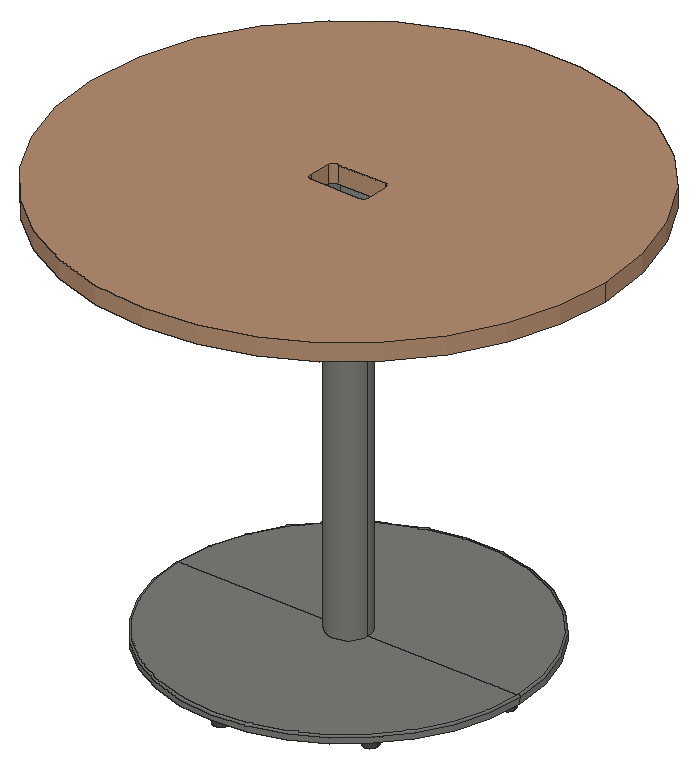
Revit family "Table-Teknion-ATEDB_Circular_Cafe_Table_With_Electrics-R2022", category Furniture, Revit 2023
Family settings
  OmniClass Number = 23.40.20.00
  OmniClass Title = General Furniture and Specialties
  Work Plane-Based = No
  Enable Cutting in Views = No
  Always vertical = Yes
  Cut with Voids When Loaded = No
  Render Appearance Source = Family Geometry
  Shared = Yes
  Room Calculation Point = No
Parameters (values of type "29" Height")
  Warranty = "http://www.teknion.com/ca/papers/legal-canada"
  Unit Weight URL = "http://www.teknion.com/ca/tools/assets#&asset=bee6a381-b954-425e-8283-5a2de3a804f2,f828d448-4b62-4231-9e5f-9a8991c0ed77"
  URL = "www.teknion.com"
  To render please download texture images found here [instance] = "https://assets.teknion.com/web/5e81352c1dfdb467/revit-material-swatches/"
  Sustainability Data = "https://www.teknion.com/ca/tools/assets#&topic=216f99a5-57a0-44fc-b10a-9dee9b29ae4c&asset=444deb64-fe58-4b68-981e-f75e97781df7,b4ff2d81-9f2e-437d-9659-7cffb09c31cf"
  Surface Finish [instance] = Foundation Laminate - Teknion - YA - Anigre
  Series = "Teknion Casual Tables"  # constant formula
  Product Page URL = "https://www.teknion.com/ca/products/product-details?productlineid=a687336e-8e7a-673b-a6c8-ff00004460c4"
  Product Line = "Casual Tables"  # constant formula
  Product Documentation Link = "http://www.teknion.com/pricing/tables/pdfs/ATEDB_ppg.pdf"
  Part Number = "ATEDB"  # constant formula
  Model = "ATEDB29M_AH"
  Manufacturer Phone = "416-661-3370"  # constant formula
  Manufacturer Fax = "416.661.4586"  # constant formula
  Manufacturer Contact Information = "http://www.teknion.com/ca/contactus"
  Manufacturer Address = "1150 Flint Road, Toronto, ON. M3J 2J5. Canada"  # constant formula
  Manufacturer = "Teknion"  # constant formula
  How To Use Teknion Materials User Guide [instance] = "https://assets.teknion.com/m/205dd0a49fa58060/original/How-to-add-a-Material-Library-and-Texture-Images-to-your-Revit-project.pdf"
  Height = 29.000"
  For Additional Finishes please visit [instance] = "https://assets.teknion.com/m/44a8009b046e5d47/original/Teknion_Materials_Library.zip"
  Diameter [instance] = 36.000"
  Description = "Circular Cafe Table With Electrics, 29\" Height, Metal Post Base Style, Dual Flush Power Module Cutout"
  Default Elevation = 0.000"
  Base Finish [instance] = Paint - Teknion - Mica - Anthracite
  Available Height = "26 & 29 Inch"  # constant formula
  Available Diameter [instance] = "36 & 42 Inch"  # constant formula
  Assembly Code = "E2020200"
Reference planes (in)
  plane 1 "Center Front/Back": y = 0
  plane 2: z = 0
  plane 3 "Center Left/Right": x = 0
  plane 4 "Left": x = -18
  plane 5 "Right": x = 18
  plane 6 "Back": y = 18
  plane 7 "Front": y = -18
  plane 8 "Top": z = 29
  plane 9: z = 27.81102
  plane 10: through (-21, -21, 48) normal (-0.7071, 0.7071, 0)
  plane 11: through (21, -21, 48) normal (-0.7071, -0.7071, 0)
Forms (in)
  Sweep 1, solid, material "Foundation Laminate - Teknion - YA - Anigre" <- "Surface Finish"
    path origin (0, 0, 0) x (1, 0, 0) y (0, 0, 1)
      loop
        line (0, 29) -> (0, 27.81102)
    profile origin (0, 0, 28.40551) x (0, -1, 0) y (1, 0, 0)
      loop
        circle (0, 0) r 18
  Sweep 2, void
    path origin (0, 0, 0) x (1, 0, 0) y (0, 0, 1)
      loop
        line (0, 30.5) -> (0, 25)
    profile origin (0, 0, 27.75) x (0, -1, 0) y (1, 0, 0)
      loop
        arc (-1.12205, -1.65354) -> (-1.00673, -1.93193) -> (-0.72835, -2.04724) r 0.3937
        line (-0.72835, -2.04724) -> (0.72835, -2.04724)
        arc (0.72835, -2.04724) -> (1.00673, -1.93193) -> (1.12205, -1.65354) r 0.3937
        line (1.12205, -1.65354) -> (1.12205, 1.65354)
        arc (1.12205, 1.65354) -> (1.00673, 1.93193) -> (0.72835, 2.04724) r 0.3937
        line (0.72835, 2.04724) -> (-0.72835, 2.04724)
        arc (-0.72835, 2.04724) -> (-1.00673, 1.93193) -> (-1.12205, 1.65354) r 0.3937
        line (-1.12205, 1.65354) -> (-1.12205, -1.65354)
  Revolve 3, solid, material "Paint - Teknion - Mica - Anthracite" <- "Base Finish"
    sketch origin (0, 0, 0) x (1, 0, 0) y (0, 0, 1)
      loop
        line (1.25689, 22.22047) -> (1.25689, 0.51969) -> (12, 0.51969) -> (12, 0.89469)
        arc (12, 0.89469) -> (11.96339, 0.98307) -> (11.875, 1.01969) r 0.125
        line (11.875, 1.01969) -> (1.375, 1.01969) -> (1.375, 22.22047) -> (1.25689, 22.22047)
      axis (0, 22.22047) -> (0, 0.51969)
    angle from 0 to 360
  Sweep 4, solid, material "Plastic - Teknion - E - Ebony"
    path origin (0, 0, 0) x (1, 0, 0) y (0, 0, 1)
      loop
        line (0, 0.51969) -> (0, 0)
    profile origin (0, 0, 0.25984) x (0, -1, 0) y (1, 0, 0)
      loop
        circle (-11.125, 0) r 0.51181
      loop
        circle (-7.86656, -7.86656) r 0.51181
      loop
        circle (0, -11.125) r 0.51181
      loop
        circle (7.86656, -7.86656) r 0.51181
      loop
        circle (11.125, 0) r 0.51181
      loop
        circle (7.86656, 7.86656) r 0.51181
      loop
        circle (0, 11.125) r 0.51181
      loop
        circle (-7.86656, 7.86656) r 0.51181
  SweptBlend 5, solid, material "Paint - Teknion - Mica - Anthracite" <- "Base Finish"
    path origin (0, 0, 0) x (1, 0, 0) y (0, 0, 1)
      loop
        line (0, 22.22047) -> (0, 27.70472)
    profile origin (0, 0, 22.22047) x (-1, 0, 0) y (0, -1, 0)
      loop
        line (-2.26181, -2.26181) -> (2.26181, -2.26181) -> (2.26181, 2.26181) -> (-2.26181, 2.26181) -> (-2.26181, -2.26181)
    end profile origin (0, 0, 27.70472) x (-1, 0, 0) y (0, -1, 0)
      loop
        line (3.30845, -3.30845) -> (3.30845, 3.30845) -> (-3.30845, 3.30845) -> (-3.30845, -3.30845) -> (3.30845, -3.30845)
  Sweep 6, solid, material "Paint - Teknion - Mica - Anthracite" <- "Base Finish"
    path origin (0, 0, 0) x (1, 0, 0) y (0, 0, 1)
      loop
        line (0, 27.81102) -> (0, 27.70472)
    profile origin (0, 0, 27.75787) x (0, -1, 0) y (1, 0, 0)
      loop
        line (-4.14173, -4.14173) -> (4.14173, -4.14173) -> (4.14173, 4.14173) -> (-4.14173, 4.14173) -> (-4.14173, -4.14173)
  SweptBlend 7, void
    path origin (0, 0, 0) x (1, 0, 0) y (0, 0, 1)
      loop
        line (0, 22.32677) -> (0, 27.81102)
    profile origin (0, 0, 22.32677) x (-1, 0, 0) y (0, -1, 0)
      loop
        line (2.17388, -2.17388) -> (2.17388, 2.17388) -> (-2.17388, 2.17388) -> (-2.17388, -2.17388) -> (2.17388, -2.17388)
    end profile origin (0, 0, 27.81102) x (-1, 0, 0) y (0, -1, 0)
      loop
        line (3.22052, -3.22052) -> (3.22052, 3.22052) -> (-3.22052, 3.22052) -> (-3.22052, -3.22052) -> (3.22052, -3.22052)
  Sweep 8, void
    path origin (0, 0, 0) x (1, 0, 0) y (0, 0, 1)
      loop
        line (0, 20.73191) -> (0, 23.73191)
    profile origin (0, 0, 22.23191) x (-1, 0, 0) y (0, -1, 0)
      loop
        circle (0, 0) r 1.25689
Cuts and joins
  Sweep 2 cuts Sweep 1
  SweptBlend 7, Sweep 8 cuts SweptBlend 5
  SweptBlend 7, Sweep 8 cuts Sweep 6
  joined: SweptBlend 5, Sweep 6
Lines and regions (in)
  Masking region 1
    outline origin (0, 0, 0) x (1, 0, 0) y (0, 1, 0)
      loop
        circle (0, 0) r 18
      loop
        line (0.56638, 1.12205) -> (-0.56638, 1.12205)
        arc (-0.56638, 1.12205) -> (-1.07043, 0.65875) -> (-1.25689, 0) r 1.25689
        arc (-1.25689, 0) -> (-1.07043, -0.65875) -> (-0.56638, -1.12205) r 1.25689
        line (-0.56638, -1.12205) -> (0.56638, -1.12205)
        arc (0.56638, -1.12205) -> (1.07043, -0.65875) -> (1.25689, 0) r 1.25689
        arc (1.25689, 0) -> (1.07043, 0.65875) -> (0.56638, 1.12205) r 1.25689
  symbolic lines
    curve 1: line (-1.65354, 1.12205, 0) -> (1.65354, 1.12205, 0)
    curve 2: arc (1.65354, 1.12205, 0) -> (1.93193, 1.00673, 0) -> (2.04724, 0.72835, 0) r 0.3937
    curve 3: line (2.04724, 0.72835, 0) -> (2.04724, -0.72835, 0)
    curve 4: arc (2.04724, -0.72835, 0) -> (1.93193, -1.00673, 0) -> (1.65354, -1.12205, 0) r 0.3937
    curve 5: line (1.65354, -1.12205, 0) -> (-1.65354, -1.12205, 0)
    curve 6: arc (-1.65354, -1.12205, 0) -> (-1.93193, -1.00673, 0) -> (-2.04724, -0.72835, 0) r 0.3937
    curve 7: line (-2.04724, -0.72835, 0) -> (-2.04724, 0.72835, 0)
    curve 8: arc (-2.04724, 0.72835, 0) -> (-1.93193, 1.00673, 0) -> (-1.65354, 1.12205, 0) r 0.3937
  symbolic lines, style "FurnitureHiddenLines", detail levels medium+fine
    curve 9: arc (12, 0, 0) -> (0, 12, 0) -> (-12, 0, 0) r 12
    curve 10: arc (-12, 0, 0) -> (0, -12, 0) -> (12, 0, 0) r 12
    curve 11: line (4.14173, 4.14173, 0) -> (-4.14173, 4.14173, 0)
    curve 12: line (4.14173, -4.14173, 0) -> (4.14173, 4.14173, 0)
    curve 13: line (-4.14173, -4.14173, 0) -> (4.14173, -4.14173, 0)
    curve 14: line (-4.14173, 4.14173, 0) -> (-4.14173, -4.14173, 0)
    curve 15: line (3.30845, 3.30845, 0) -> (-3.30845, 3.30845, 0)
    curve 16: line (-3.22052, 3.22052, 0) -> (3.22052, 3.22052, 0)
    curve 17: line (3.22052, 3.22052, 0) -> (3.22052, -3.22052, 0)
    curve 18: line (3.30845, -3.30845, 0) -> (3.30845, 3.30845, 0)
    curve 19: line (3.22052, -3.22052, 0) -> (-3.22052, -3.22052, 0)
    curve 20: line (-3.30845, -3.30845, 0) -> (3.30845, -3.30845, 0)
    curve 21: line (-3.22052, -3.22052, 0) -> (-3.22052, 3.22052, 0)
    curve 22: line (-3.30845, 3.30845, 0) -> (-3.30845, -3.30845, 0)
    curve 23: line (-2.26181, 2.26181, 0) -> (2.26181, 2.26181, 0)
    curve 24: line (2.17388, 2.17388, 0) -> (-2.17388, 2.17388, 0)
    curve 25: line (2.17388, -2.17388, 0) -> (2.17388, 2.17388, 0)
    curve 26: line (2.26181, 2.26181, 0) -> (2.26181, -2.26181, 0)
    curve 27: line (-2.17388, -2.17388, 0) -> (2.17388, -2.17388, 0)
    curve 28: line (2.26181, -2.26181, 0) -> (-2.26181, -2.26181, 0)
    curve 29: line (-2.17388, 2.17388, 0) -> (-2.17388, -2.17388, 0)
    curve 30: line (-2.26181, -2.26181, 0) -> (-2.26181, 2.26181, 0)
    curve 31: arc (1.375, 0, 0) -> (0, 1.375, 0) -> (-1.375, 0, 0) r 1.375
    curve 32: arc (1.25689, 0, 0) -> (0, 1.25689, 0) -> (-1.25689, 0, 0) r 1.25689
    curve 33: arc (-1.25689, 0, 0) -> (0, -1.25689, 0) -> (1.25689, 0, 0) r 1.25689
    curve 34: arc (-1.375, 0, 0) -> (0, -1.375, 0) -> (1.375, 0, 0) r 1.375
    curve 51: line (-5.82198, -2.39426, 0) -> (-5.82198, -3.31193, 0)
    curve 52: line (-5.23742, -1.80971, 0) -> (-5.82198, -2.39426, 0)
    curve 53: line (-4.13256, -2.91457, 0) -> (-5.23742, -1.80971, 0)
    curve 54: line (-5.17595, -3.95796, 0) -> (-5.82198, -3.31193, 0)
    curve 55: line (-5.17595, -3.95796, 0) -> (-4.93239, -4.40167, 0)
    curve 56: line (-4.19284, -2.8543, 0) -> (-4.21695, -3.95175, 0)
    curve 57: line (-4.15667, -4.01202, 0) -> (-4.13256, -2.91457, 0)
    curve 58: line (-3.95175, -4.21695, 0) -> (-4.21695, -3.95175, 0)
    curve 59: line (-4.01202, -4.15667, 0) -> (-2.91457, -4.13256, 0)
    curve 60: line (-2.8543, -4.19284, 0) -> (-3.95175, -4.21695, 0)
    curve 61: line (-2.91457, -4.13256, 0) -> (-1.80971, -5.23742, 0)
    curve 62: line (-1.80971, -5.23742, 0) -> (-2.39426, -5.82198, 0)
    curve 63: line (-2.39426, -5.82198, 0) -> (-3.31193, -5.82198, 0)
    curve 64: line (-3.95796, -5.17595, 0) -> (-3.31193, -5.82198, 0)
    curve 65: line (-5.10273, -5.36794, 0) -> (-5.36794, -5.10273, 0)
    curve 66: line (-3.95796, -5.17595, 0) -> (-4.40167, -4.93239, 0)
    curve 67: line (-4.3414, -4.99266, 0) -> (-3.89768, -5.23622, 0)
    curve 68: line (-4.99266, -4.3414, 0) -> (-5.23622, -3.89768, 0)
    curve 69: spline (-4.93239, -4.40167, 0) -> (-4.93111, -4.44466, 0) -> (-4.94138, -4.49381, 0) -> (-4.96274, -4.54692, 0) -> (-4.99422, -4.60161, 0) -> (-5.03442, -4.65542, 0) -> (-5.08153, -4.70594, 0) -> (-5.13344, -4.7509, 0) -> (-5.18783, -4.78829, 0) -> (-5.24225, -4.81644, 0) -> (-5.29426, -4.83407, 0) -> (-5.34154, -4.84041, 0) -> (-5.38195, -4.83516, 0)
    curve 70: spline (-5.44223, -4.77489, 0) -> (-5.40181, -4.78014, 0) -> (-5.35454, -4.7738, 0) -> (-5.30252, -4.75617, 0) -> (-5.2481, -4.72802, 0) -> (-5.19372, -4.69063, 0) -> (-5.1418, -4.64566, 0) -> (-5.09469, -4.59514, 0) -> (-5.05449, -4.54133, 0) -> (-5.02301, -4.48665, 0) -> (-5.00166, -4.43354, 0) -> (-4.99139, -4.38439, 0) -> (-4.99266, -4.3414, 0)
    curve 71: spline (-5.67223, -4.99564, 0) -> (-5.68393, -4.97689, 0) -> (-5.68655, -4.95112, 0) -> (-5.67988, -4.92023, 0) -> (-5.66442, -4.88648, 0) -> (-5.64131, -4.85237, 0) -> (-5.61225, -4.8204, 0) -> (-5.57938, -4.79292, 0) -> (-5.54511, -4.77197, 0) -> (-5.51197, -4.75907, 0) -> (-5.48239, -4.75518, 0) -> (-5.45856, -4.76058, 0) -> (-5.44223, -4.77489, 0)
    curve 72: spline (-5.38195, -4.83516, 0) -> (-5.39829, -4.82086, 0) -> (-5.42212, -4.81545, 0) -> (-5.4517, -4.81934, 0) -> (-5.48484, -4.83224, 0) -> (-5.5191, -4.8532, 0) -> (-5.55198, -4.88067, 0) -> (-5.58104, -4.91264, 0) -> (-5.60415, -4.94675, 0) -> (-5.61961, -4.9805, 0) -> (-5.62627, -5.01139, 0) -> (-5.62366, -5.03716, 0) -> (-5.61196, -5.05591, 0)
    curve 73: line (-5.61196, -5.05591, 0) -> (-5.67223, -4.99564, 0)
    curve 74: spline (-5.61196, -5.05591, 0) -> (-5.59221, -5.07158, 0) -> (-5.57136, -5.08606, 0) -> (-5.54943, -5.09934, 0) -> (-5.52645, -5.11141, 0) -> (-5.50243, -5.12225, 0) -> (-5.47741, -5.13185, 0) -> (-5.45141, -5.1402, 0) -> (-5.42445, -5.1473, 0) -> (-5.39657, -5.15314, 0) -> (-5.36779, -5.1577, 0) -> (-5.33814, -5.16099, 0) -> (-5.30766, -5.16301, 0)
    curve 75: spline (-5.36794, -5.10273, 0) -> (-5.39842, -5.10072, 0) -> (-5.42806, -5.09743, 0) -> (-5.45684, -5.09287, 0) -> (-5.48472, -5.08703, 0) -> (-5.51168, -5.07993, 0) -> (-5.53768, -5.07158, 0) -> (-5.5627, -5.06197, 0) -> (-5.58672, -5.05113, 0) -> (-5.60971, -5.03907, 0) -> (-5.63163, -5.02579, 0) -> (-5.65248, -5.01131, 0) -> (-5.67223, -4.99564, 0)
    curve 76: spline (-5.05591, -5.61196, 0) -> (-5.07158, -5.59221, 0) -> (-5.08606, -5.57136, 0) -> (-5.09934, -5.54943, 0) -> (-5.11141, -5.52645, 0) -> (-5.12225, -5.50243, 0) -> (-5.13185, -5.47741, 0) -> (-5.1402, -5.45141, 0) -> (-5.1473, -5.42445, 0) -> (-5.15314, -5.39657, 0) -> (-5.1577, -5.36779, 0) -> (-5.16099, -5.33814, 0) -> (-5.16301, -5.30766, 0)
    curve 77: spline (-5.10273, -5.36794, 0) -> (-5.10072, -5.39842, 0) -> (-5.09743, -5.42806, 0) -> (-5.09287, -5.45684, 0) -> (-5.08703, -5.48472, 0) -> (-5.07993, -5.51168, 0) -> (-5.07158, -5.53768, 0) -> (-5.06197, -5.5627, 0) -> (-5.05113, -5.58672, 0) -> (-5.03907, -5.60971, 0) -> (-5.02579, -5.63163, 0) -> (-5.01131, -5.65248, 0) -> (-4.99564, -5.67223, 0)
    curve 78: spline (-4.83516, -5.38195, 0) -> (-4.82086, -5.39829, 0) -> (-4.81545, -5.42212, 0) -> (-4.81934, -5.4517, 0) -> (-4.83224, -5.48484, 0) -> (-4.8532, -5.5191, 0) -> (-4.88067, -5.55198, 0) -> (-4.91264, -5.58104, 0) -> (-4.94675, -5.60415, 0) -> (-4.9805, -5.61961, 0) -> (-5.01139, -5.62627, 0) -> (-5.03716, -5.62366, 0) -> (-5.05591, -5.61196, 0)
    curve 79: spline (-4.99564, -5.67223, 0) -> (-4.97689, -5.68393, 0) -> (-4.95112, -5.68655, 0) -> (-4.92023, -5.67988, 0) -> (-4.88648, -5.66442, 0) -> (-4.85237, -5.64131, 0) -> (-4.8204, -5.61225, 0) -> (-4.79292, -5.57938, 0) -> (-4.77197, -5.54511, 0) -> (-4.75907, -5.51197, 0) -> (-4.75518, -5.48239, 0) -> (-4.76058, -5.45856, 0) -> (-4.77489, -5.44223, 0)
    curve 80: line (-5.05591, -5.61196, 0) -> (-4.99564, -5.67223, 0)
    curve 81: spline (-4.77489, -5.44223, 0) -> (-4.78014, -5.40181, 0) -> (-4.7738, -5.35454, 0) -> (-4.75617, -5.30252, 0) -> (-4.72802, -5.2481, 0) -> (-4.69063, -5.19372, 0) -> (-4.64566, -5.1418, 0) -> (-4.59514, -5.09469, 0) -> (-4.54133, -5.05449, 0) -> (-4.48665, -5.02301, 0) -> (-4.43354, -5.00166, 0) -> (-4.38439, -4.99139, 0) -> (-4.3414, -4.99266, 0)
    curve 82: spline (-4.40167, -4.93239, 0) -> (-4.44466, -4.93111, 0) -> (-4.49381, -4.94138, 0) -> (-4.54692, -4.96274, 0) -> (-4.60161, -4.99422, 0) -> (-4.65542, -5.03442, 0) -> (-4.70594, -5.08153, 0) -> (-4.7509, -5.13344, 0) -> (-4.78829, -5.18783, 0) -> (-4.81644, -5.24225, 0) -> (-4.83407, -5.29426, 0) -> (-4.84041, -5.34154, 0) -> (-4.83516, -5.38195, 0)
    curve 83: line (-4.83516, -5.38195, 0) -> (-4.77489, -5.44223, 0)
    curve 84: line (-5.38195, -4.83516, 0) -> (-5.44223, -4.77489, 0)
    curve 85: line (2.39426, 5.82198, 0) -> (3.31193, 5.82198, 0)
    curve 86: line (1.80971, 5.23742, 0) -> (2.39426, 5.82198, 0)
    curve 87: line (2.91457, 4.13256, 0) -> (1.80971, 5.23742, 0)
    curve 88: line (3.95796, 5.17595, 0) -> (3.31193, 5.82198, 0)
    curve 89: line (3.95796, 5.17595, 0) -> (4.40167, 4.93239, 0)
    curve 90: line (2.8543, 4.19284, 0) -> (3.95175, 4.21695, 0)
    curve 91: line (4.01202, 4.15667, 0) -> (2.91457, 4.13256, 0)
    curve 92: line (4.21695, 3.95175, 0) -> (3.95175, 4.21695, 0)
    curve 93: line (4.15667, 4.01202, 0) -> (4.13256, 2.91457, 0)
    curve 94: line (4.19284, 2.8543, 0) -> (4.21695, 3.95175, 0)
    curve 95: line (4.13256, 2.91457, 0) -> (5.23742, 1.80971, 0)
    curve 96: line (5.23742, 1.80971, 0) -> (5.82198, 2.39426, 0)
    curve 97: line (5.82198, 2.39426, 0) -> (5.82198, 3.31193, 0)
    curve 98: line (5.17595, 3.95796, 0) -> (5.82198, 3.31193, 0)
    curve 99: line (5.36794, 5.10273, 0) -> (5.10273, 5.36794, 0)
    curve 100: line (5.17595, 3.95796, 0) -> (4.93239, 4.40167, 0)
    curve 101: line (4.99266, 4.3414, 0) -> (5.23622, 3.89768, 0)
    curve 102: line (4.3414, 4.99266, 0) -> (3.89768, 5.23622, 0)
    curve 103: spline (4.40167, 4.93239, 0) -> (4.44466, 4.93111, 0) -> (4.49381, 4.94138, 0) -> (4.54692, 4.96274, 0) -> (4.60161, 4.99422, 0) -> (4.65542, 5.03442, 0) -> (4.70594, 5.08153, 0) -> (4.7509, 5.13344, 0) -> (4.78829, 5.18783, 0) -> (4.81644, 5.24225, 0) -> (4.83407, 5.29426, 0) -> (4.84041, 5.34154, 0) -> (4.83516, 5.38195, 0)
    curve 104: spline (4.77489, 5.44223, 0) -> (4.78014, 5.40181, 0) -> (4.7738, 5.35454, 0) -> (4.75617, 5.30252, 0) -> (4.72802, 5.2481, 0) -> (4.69063, 5.19372, 0) -> (4.64566, 5.1418, 0) -> (4.59514, 5.09469, 0) -> (4.54133, 5.05449, 0) -> (4.48665, 5.02301, 0) -> (4.43354, 5.00166, 0) -> (4.38439, 4.99139, 0) -> (4.3414, 4.99266, 0)
    curve 105: spline (4.99564, 5.67223, 0) -> (4.97689, 5.68393, 0) -> (4.95112, 5.68655, 0) -> (4.92023, 5.67988, 0) -> (4.88648, 5.66442, 0) -> (4.85237, 5.64131, 0) -> (4.8204, 5.61225, 0) -> (4.79292, 5.57938, 0) -> (4.77197, 5.54511, 0) -> (4.75907, 5.51197, 0) -> (4.75518, 5.48239, 0) -> (4.76058, 5.45856, 0) -> (4.77489, 5.44223, 0)
    curve 106: spline (4.83516, 5.38195, 0) -> (4.82086, 5.39829, 0) -> (4.81545, 5.42212, 0) -> (4.81934, 5.4517, 0) -> (4.83224, 5.48484, 0) -> (4.8532, 5.5191, 0) -> (4.88067, 5.55198, 0) -> (4.91264, 5.58104, 0) -> (4.94675, 5.60415, 0) -> (4.9805, 5.61961, 0) -> (5.01139, 5.62627, 0) -> (5.03716, 5.62366, 0) -> (5.05591, 5.61196, 0)
    curve 107: line (5.05591, 5.61196, 0) -> (4.99564, 5.67223, 0)
    curve 108: spline (5.05591, 5.61196, 0) -> (5.07158, 5.59221, 0) -> (5.08606, 5.57136, 0) -> (5.09934, 5.54943, 0) -> (5.11141, 5.52645, 0) -> (5.12225, 5.50243, 0) -> (5.13185, 5.47741, 0) -> (5.1402, 5.45141, 0) -> (5.1473, 5.42445, 0) -> (5.15314, 5.39657, 0) -> (5.1577, 5.36779, 0) -> (5.16099, 5.33814, 0) -> (5.16301, 5.30766, 0)
    curve 109: spline (5.10273, 5.36794, 0) -> (5.10072, 5.39842, 0) -> (5.09743, 5.42806, 0) -> (5.09287, 5.45684, 0) -> (5.08703, 5.48472, 0) -> (5.07993, 5.51168, 0) -> (5.07158, 5.53768, 0) -> (5.06197, 5.5627, 0) -> (5.05113, 5.58672, 0) -> (5.03907, 5.60971, 0) -> (5.02579, 5.63163, 0) -> (5.01131, 5.65248, 0) -> (4.99564, 5.67223, 0)
    curve 110: spline (5.61196, 5.05591, 0) -> (5.59221, 5.07158, 0) -> (5.57136, 5.08606, 0) -> (5.54943, 5.09934, 0) -> (5.52645, 5.11141, 0) -> (5.50243, 5.12225, 0) -> (5.47741, 5.13185, 0) -> (5.45141, 5.1402, 0) -> (5.42445, 5.1473, 0) -> (5.39657, 5.15314, 0) -> (5.36779, 5.1577, 0) -> (5.33814, 5.16099, 0) -> (5.30766, 5.16301, 0)
    curve 111: spline (5.36794, 5.10273, 0) -> (5.39842, 5.10072, 0) -> (5.42806, 5.09743, 0) -> (5.45684, 5.09287, 0) -> (5.48472, 5.08703, 0) -> (5.51168, 5.07993, 0) -> (5.53768, 5.07158, 0) -> (5.5627, 5.06197, 0) -> (5.58672, 5.05113, 0) -> (5.60971, 5.03907, 0) -> (5.63163, 5.02579, 0) -> (5.65248, 5.01131, 0) -> (5.67223, 4.99564, 0)
    curve 112: spline (5.38195, 4.83516, 0) -> (5.39829, 4.82086, 0) -> (5.42212, 4.81545, 0) -> (5.4517, 4.81934, 0) -> (5.48484, 4.83224, 0) -> (5.5191, 4.8532, 0) -> (5.55198, 4.88067, 0) -> (5.58104, 4.91264, 0) -> (5.60415, 4.94675, 0) -> (5.61961, 4.9805, 0) -> (5.62627, 5.01139, 0) -> (5.62366, 5.03716, 0) -> (5.61196, 5.05591, 0)
    curve 113: spline (5.67223, 4.99564, 0) -> (5.68393, 4.97689, 0) -> (5.68655, 4.95112, 0) -> (5.67988, 4.92023, 0) -> (5.66442, 4.88648, 0) -> (5.64131, 4.85237, 0) -> (5.61225, 4.8204, 0) -> (5.57938, 4.79292, 0) -> (5.54511, 4.77197, 0) -> (5.51197, 4.75907, 0) -> (5.48239, 4.75518, 0) -> (5.45856, 4.76058, 0) -> (5.44223, 4.77489, 0)
    curve 114: line (5.61196, 5.05591, 0) -> (5.67223, 4.99564, 0)
    curve 115: spline (5.44223, 4.77489, 0) -> (5.40181, 4.78014, 0) -> (5.35454, 4.7738, 0) -> (5.30252, 4.75617, 0) -> (5.2481, 4.72802, 0) -> (5.19372, 4.69063, 0) -> (5.1418, 4.64566, 0) -> (5.09469, 4.59514, 0) -> (5.05449, 4.54133, 0) -> (5.02301, 4.48665, 0) -> (5.00166, 4.43354, 0) -> (4.99139, 4.38439, 0) -> (4.99266, 4.3414, 0)
    curve 116: spline (4.93239, 4.40167, 0) -> (4.93111, 4.44466, 0) -> (4.94138, 4.49381, 0) -> (4.96274, 4.54692, 0) -> (4.99422, 4.60161, 0) -> (5.03442, 4.65542, 0) -> (5.08153, 4.70594, 0) -> (5.13344, 4.7509, 0) -> (5.18783, 4.78829, 0) -> (5.24225, 4.81644, 0) -> (5.29426, 4.83407, 0) -> (5.34154, 4.84041, 0) -> (5.38195, 4.83516, 0)
    curve 117: line (5.38195, 4.83516, 0) -> (5.44223, 4.77489, 0)
    curve 118: line (4.83516, 5.38195, 0) -> (4.77489, 5.44223, 0)
  symbolic lines, style "FurnitureHiddenLines", detail levels fine
    curve 35: arc (0.51181, 11.125, 0) -> (0, 11.63681, 0) -> (-0.51181, 11.125, 0) r 0.51181
    curve 36: arc (-0.51181, 11.125, 0) -> (0, 10.61319, 0) -> (0.51181, 11.125, 0) r 0.51181
    curve 37: arc (8.37837, 7.86656, 0) -> (7.86656, 8.37837, 0) -> (7.35475, 7.86656, 0) r 0.51181
    curve 38: arc (7.35475, 7.86656, 0) -> (7.86656, 7.35475, 0) -> (8.37837, 7.86656, 0) r 0.51181
    curve 39: arc (-7.35475, 7.86656, 0) -> (-7.86656, 8.37837, 0) -> (-8.37837, 7.86656, 0) r 0.51181
    curve 40: arc (-8.37837, 7.86656, 0) -> (-7.86656, 7.35475, 0) -> (-7.35475, 7.86656, 0) r 0.51181
    curve 41: arc (-10.61319, 0, 0) -> (-11.125, 0.51181, 0) -> (-11.63681, 0, 0) r 0.51181
    curve 42: arc (-11.63681, 0, 0) -> (-11.125, -0.51181, 0) -> (-10.61319, 0, 0) r 0.51181
    curve 43: arc (11.63681, 0, 0) -> (11.125, 0.51181, 0) -> (10.61319, 0, 0) r 0.51181
    curve 44: arc (10.61319, 0, 0) -> (11.125, -0.51181, 0) -> (11.63681, 0, 0) r 0.51181
    curve 45: arc (8.37837, -7.86656, 0) -> (7.86656, -7.35475, 0) -> (7.35475, -7.86656, 0) r 0.51181
    curve 46: arc (7.35475, -7.86656, 0) -> (7.86656, -8.37837, 0) -> (8.37837, -7.86656, 0) r 0.51181
    curve 47: arc (0.51181, -11.125, 0) -> (0, -10.61319, 0) -> (-0.51181, -11.125, 0) r 0.51181
    curve 48: arc (-0.51181, -11.125, 0) -> (0, -11.63681, 0) -> (0.51181, -11.125, 0) r 0.51181
    curve 49: arc (-7.35475, -7.86656, 0) -> (-7.86656, -7.35475, 0) -> (-8.37837, -7.86656, 0) r 0.51181
    curve 50: arc (-8.37837, -7.86656, 0) -> (-7.86656, -8.37837, 0) -> (-7.35475, -7.86656, 0) r 0.51181
  reference lines
    curve 119: line (-18, 18, 0) -> (18, 18, 0)
    curve 120: line (-18, 18, 0) -> (-18, -18, 0)
    curve 121: line (-18, -18, 0) -> (18, -18, 0)
    curve 122: line (18, 18, 0) -> (18, -18, 0)
Dimensions and locks (in)
  "Diameter": plane 4 "Left" to plane 5 "Right"
  "Diameter": plane 6 "Back" to plane 7 "Front"
  "Height": plane 8 "Top" to level
  locked: plane 8 "Top" to plane 9 at 1.18898
  equal spacing: plane 6 "Back", plane 1 "Center Front/Back", plane 7 "Front"
  equal spacing: plane 4 "Left", plane 3 "Center Left/Right", plane 5 "Right"
  locked: Sweep 2 sketch curve to plane 8 "Top" at 1.5
  locked: Sweep 2 sketch curve to Sweep 2 sketch curve at 5.5
  Sweep 2 sketch curve to plane 3 "Center Left/Right" to Sweep 2 sketch curve = 2.04724" locked, 2.04724" locked
  Sweep 2 sketch curve to plane 1 "Center Front/Back" to Sweep 2 sketch curve = 1.12205" locked, 1.12205" locked
  Revolve 3 sketch curve to Revolve 3 sketch curve to Revolve 3 sketch curve to Revolve 3 sketch curve to plane 3 "Center Left/Right" = 0.125" locked, 10.500" locked, 0.11811" locked, 1.25689" locked
  Revolve 3 sketch curve to Revolve 3 sketch curve to plane 2 = 0.500" locked, 0.51969" locked
  locked: plane 9 to Revolve 3 sketch curve at 5.59055
  locked: Sweep 4 sketch curve to plane 2 at 0.51969
  Sweep 4 sketch curve to Sweep 4 sketch curve to Sweep 4 sketch curve to plane 1 "Center Front/Back" to Sweep 4 sketch curve to Sweep 4 sketch curve to Sweep 4 sketch curve = 3.25844" locked, 0.000" locked, 7.86656" locked, 7.86656" locked, 0.000" locked, 3.25844" locked
  Sweep 4 sketch curve to Sweep 4 sketch curve to Sweep 4 sketch curve to plane 3 "Center Left/Right" to Sweep 4 sketch curve to Sweep 4 sketch curve to Sweep 4 sketch curve = 3.25844" locked, 0.000" locked, 7.86656" locked, 7.86656" locked, 0.000" locked, 3.25844" locked
  SweptBlend 5 sketch curve to SweptBlend 5 sketch curve to plane 9 = 5.48425" locked, 0.1063" locked
  SweptBlend 5 sketch curve to plane 1 "Center Front/Back" to SweptBlend 5 sketch curve = 2.26181" locked, 2.26181" locked
  SweptBlend 5 sketch curve to plane 3 "Center Left/Right" to SweptBlend 5 sketch curve = 2.26181" locked, 2.26181" locked
  SweptBlend 5 sketch curve to plane 1 "Center Front/Back" to SweptBlend 5 sketch curve = 3.30845" locked, 3.30845" locked
  SweptBlend 5 sketch curve to plane 3 "Center Left/Right" to SweptBlend 5 sketch curve = 3.30845" locked, 3.30845" locked
  locked: plane 9 to Sweep 6 sketch curve at 0.1063
  Sweep 6 sketch curve to plane 1 "Center Front/Back" to Sweep 6 sketch curve = 4.14173" locked, 4.14173" locked
  Sweep 6 sketch curve to plane 3 "Center Left/Right" to Sweep 6 sketch curve = 4.14173" locked, 4.14173" locked
  locked: plane 9 to SweptBlend 7 sketch curve at 5.48425
  SweptBlend 7 sketch curve to plane 1 "Center Front/Back" to SweptBlend 7 sketch curve = 2.17388" locked, 2.17388" locked
  SweptBlend 7 sketch curve to plane 3 "Center Left/Right" to SweptBlend 7 sketch curve = 2.17388" locked, 2.17388" locked
  SweptBlend 7 sketch curve to plane 1 "Center Front/Back" to SweptBlend 7 sketch curve = 3.22052" locked, 3.22052" locked
  SweptBlend 7 sketch curve to plane 3 "Center Left/Right" to SweptBlend 7 sketch curve = 3.22052" locked, 3.22052" locked
  Sweep 8 sketch curve to Sweep 8 sketch curve to plane 9 = 3.000" locked, 4.07911" locked
  locked: nested 1 to plane 11 at 6.2632
  locked: plane 11 to nested 2 at 6.2632
  aligned and locked: level to plane 2
  aligned and locked: Sweep 1 sketch curve to plane 3 "Center Left/Right"
  aligned and locked: plane 8 "Top" to Sweep 1 sketch curve
  aligned and locked: plane 9 to Sweep 1 sketch curve
  aligned and locked: plane 1 "Center Front/Back" to Sweep 1 sketch curve
  aligned and locked: plane 3 "Center Left/Right" to Sweep 1 sketch curve
  aligned and locked: plane 4 "Left" to Sweep 1 sketch curve
  aligned and locked: Sweep 2 sketch curve to plane 3 "Center Left/Right"
  aligned and locked: Revolve 3 sketch curve to plane 3 "Center Left/Right"
  aligned and locked: Sweep 4 sketch curve to plane 3 "Center Left/Right"
  aligned and locked: plane 2 to Sweep 4 sketch curve
  aligned and locked: plane 1 "Center Front/Back" to Sweep 4 sketch curve  (x2)
  aligned and locked: plane 3 "Center Left/Right" to Sweep 4 sketch curve  (x2)
  aligned and locked: plane 3 "Center Left/Right" to SweptBlend 5 sketch curve
  aligned and locked: plane 9 to Sweep 6 sketch curve
  aligned and locked: Sweep 6 sketch curve to plane 3 "Center Left/Right"
  aligned and locked: plane 3 "Center Left/Right" to SweptBlend 7 sketch curve
  aligned and locked: plane 9 to SweptBlend 7 sketch curve
  aligned and locked: plane 3 "Center Left/Right" to Sweep 8 sketch curve  (x2)
  aligned and locked: plane 1 "Center Front/Back" to Sweep 8 sketch curve
  aligned and locked: nested 1 to plane 10
  aligned and locked: plane 10 to nested 2
  aligned and locked: Masking region 1 sketch curve to cut or joined group of Sweep 1, Sweep 2  (x2)
  aligned and locked: cut or joined group of Sweep 1, Sweep 2 to Masking region 1 sketch curve  (x2)
  aligned and locked: Masking region 1 sketch curve to Revolve 3  (x4)
  aligned and locked: curve 2 to cut or joined group of Sweep 1, Sweep 2
  aligned and locked: curve 4 to cut or joined group of Sweep 1, Sweep 2
  aligned and locked: curve 6 to cut or joined group of Sweep 1, Sweep 2
  aligned and locked: curve 8 to cut or joined group of Sweep 1, Sweep 2
  aligned and locked: curve 9 to Revolve 3
  aligned and locked: curve 10 to Revolve 3
  aligned and locked: curve 11 to cut or joined group of SweptBlend 5, Sweep 6, SweptBlend 7, Sweep 8
  aligned and locked: curve 12 to cut or joined group of SweptBlend 5, Sweep 6, SweptBlend 7, Sweep 8
  aligned and locked: curve 13 to cut or joined group of SweptBlend 5, Sweep 6, SweptBlend 7, Sweep 8
  aligned and locked: curve 14 to cut or joined group of SweptBlend 5, Sweep 6, SweptBlend 7, Sweep 8
  aligned and locked: curve 15 to cut or joined group of SweptBlend 5, Sweep 6, SweptBlend 7, Sweep 8
  aligned and locked: curve 16 to cut or joined group of SweptBlend 5, Sweep 6, SweptBlend 7, Sweep 8
  aligned and locked: curve 17 to cut or joined group of SweptBlend 5, Sweep 6, SweptBlend 7, Sweep 8
  aligned and locked: curve 18 to cut or joined group of SweptBlend 5, Sweep 6, SweptBlend 7, Sweep 8
  aligned and locked: curve 19 to cut or joined group of SweptBlend 5, Sweep 6, SweptBlend 7, Sweep 8
  aligned and locked: curve 20 to cut or joined group of SweptBlend 5, Sweep 6, SweptBlend 7, Sweep 8
  aligned and locked: curve 21 to cut or joined group of SweptBlend 5, Sweep 6, SweptBlend 7, Sweep 8
  aligned and locked: curve 22 to cut or joined group of SweptBlend 5, Sweep 6, SweptBlend 7, Sweep 8
  aligned and locked: curve 23 to cut or joined group of SweptBlend 5, Sweep 6, SweptBlend 7, Sweep 8
  aligned and locked: curve 24 to cut or joined group of SweptBlend 5, Sweep 6, SweptBlend 7, Sweep 8
  aligned and locked: curve 25 to cut or joined group of SweptBlend 5, Sweep 6, SweptBlend 7, Sweep 8
  aligned and locked: curve 26 to cut or joined group of SweptBlend 5, Sweep 6, SweptBlend 7, Sweep 8
  aligned and locked: curve 27 to cut or joined group of SweptBlend 5, Sweep 6, SweptBlend 7, Sweep 8
  aligned and locked: curve 28 to cut or joined group of SweptBlend 5, Sweep 6, SweptBlend 7, Sweep 8
  aligned and locked: curve 29 to cut or joined group of SweptBlend 5, Sweep 6, SweptBlend 7, Sweep 8
  aligned and locked: curve 30 to cut or joined group of SweptBlend 5, Sweep 6, SweptBlend 7, Sweep 8
  aligned and locked: curve 31 to Revolve 3
  aligned and locked: curve 32 to Revolve 3
  aligned and locked: curve 33 to Revolve 3
  aligned and locked: curve 34 to Revolve 3
  aligned and locked: curve 35 to Sweep 4
  aligned and locked: curve 36 to Sweep 4
  aligned and locked: curve 37 to Sweep 4
  aligned and locked: curve 38 to Sweep 4
  aligned and locked: curve 39 to Sweep 4
  aligned and locked: curve 40 to Sweep 4
  aligned and locked: curve 41 to Sweep 4
  aligned and locked: curve 42 to Sweep 4
  aligned and locked: curve 43 to Sweep 4
  aligned and locked: curve 44 to Sweep 4
  aligned and locked: curve 45 to Sweep 4
  aligned and locked: curve 46 to Sweep 4
  aligned and locked: curve 47 to Sweep 4
  aligned and locked: curve 48 to Sweep 4
  aligned and locked: curve 49 to Sweep 4
  aligned and locked: curve 50 to Sweep 4
  aligned and locked: curve 51 to nested 1
  aligned and locked: curve 52 to nested 1
  aligned and locked: curve 53 to nested 1
  aligned and locked: curve 54 to nested 1
  aligned and locked: curve 55 to nested 1
  aligned and locked: curve 56 to nested 1
  aligned and locked: curve 57 to nested 1
  aligned and locked: curve 58 to nested 1
  aligned and locked: curve 59 to nested 1
  aligned and locked: curve 60 to nested 1
  aligned and locked: curve 61 to nested 1
  aligned and locked: curve 62 to nested 1
  aligned and locked: curve 63 to nested 1
  aligned and locked: curve 64 to nested 1
  aligned and locked: curve 65 to nested 1
  aligned and locked: curve 66 to nested 1
  aligned and locked: curve 67 to nested 1
  aligned and locked: curve 68 to nested 1
  aligned and locked: curve 73 to nested 1
  aligned and locked: curve 80 to nested 1
  aligned and locked: curve 83 to nested 1
  aligned and locked: curve 84 to nested 1
  aligned and locked: plane 1 "Center Front/Back" to nested 3
  aligned and locked: plane 3 "Center Left/Right" to nested 3
  aligned and locked: curve 119 to plane 6 "Back"
  aligned and locked: curve 120 to plane 4 "Left"
  aligned and locked: plane 7 "Front" to curve 121
  aligned and locked: plane 5 "Right" to curve 122
  aligned and locked: nested 2 to plane 9
  aligned and locked: plane 9 to nested 1
Automatic sketch dimensions
  Sweep 1 sketch curve to plane 1 "Center Front/Back" = 0.000"
  plane 1 "Center Front/Back" to Sweep 1 sketch curve = 0.000"
  Sweep 2 sketch curve to Sweep 2 sketch curve = 0.3937"  (x3)
  plane 1 "Center Front/Back" to Sweep 2 sketch curve = 0.72835"
  Sweep 2 sketch curve to profile plane = 1.65354"
  Revolve 3 sketch curve to level = 24.000"
  plane 8 "Top" to Revolve 3 sketch curve = 66.33184"
  plane 1 "Center Front/Back" to Sweep 4 sketch curve = 0.000"  (x4)
  Sweep 4 sketch curve to Sweep 4 sketch curve = 0.000"  (x12)
  Sweep 4 sketch curve to Sweep 4 sketch curve = 0.51181"  (x8)
  Sweep 8 sketch curve to profile plane = 0.000"  (x2)
  Sweep 8 sketch curve to plane 1 "Center Front/Back" = 1.25689"
  plane 1 "Center Front/Back" to Masking region 1 sketch curve = 0.000"  (x2)
  plane 1 "Center Front/Back" to curve 10 = 0.000"  (x2)
  plane 1 "Center Front/Back" to curve 44 = 0.000"  (x2)
  plane 1 "Center Front/Back" to curve 42 = 0.000"  (x2)
  plane 1 "Center Front/Back" to curve 73 = 4.99564"
  plane 1 "Center Front/Back" to curve 73 = 5.05591"
  plane 1 "Center Front/Back" to curve 84 = 4.77489"
  plane 1 "Center Front/Back" to curve 84 = 4.83516"
  plane 1 "Center Front/Back" to curve 65 = 5.10273"
  plane 1 "Center Front/Back" to curve 54 = 3.95796"
  curve 75 to curve 65 = 0.2652"
  curve 77 to curve 80 = 0.04682"
  plane 1 "Center Front/Back" to curve 80 = 5.67223"
  plane 1 "Center Front/Back" to curve 68 = 4.3414"
  curve 68 to curve 55 = 0.06027"
  plane 1 "Center Front/Back" to curve 83 = 5.38195"
  curve 83 to curve 83 = 0.06027"
  plane 1 "Center Front/Back" to curve 66 = 4.93239"
  curve 82 to curve 67 = 0.06027"
  plane 3 "Center Left/Right" to curve 86 = 1.80971"
  curve 87 to curve 86 = 0.58455"
  curve 91 to curve 15 = 0.39388"
  curve 86 to curve 85 = 0.91766"
  curve 92 to curve 11 = 0.18999"  (x2)
  curve 85 to curve 88 = 0.64603"
  curve 15 to curve 93 = 0.82411"
  curve 11 to curve 92 = 0.07521"
  curve 88 to curve 102 = 0.38344"
  curve 102 to curve 89 = 0.06027"
  curve 102 to curve 118 = 0.43349"
  curve 104 to curve 118 = 0.06027"
  curve 89 to curve 100 = 0.53072"
  curve 100 to curve 101 = 0.06027"
  curve 118 to curve 107 = 0.22076"
  curve 109 to curve 107 = 0.06027"
  curve 106 to curve 99 = 0.04682"
  curve 101 to curve 98 = 0.18328"
  curve 96 to plane 1 "Center Front/Back" = 1.80971"
  curve 93 to curve 96 = 1.10486"
  curve 109 to curve 99 = 0.2652"
  curve 111 to curve 117 = 0.01402"
  curve 116 to curve 117 = 0.06027"
  curve 111 to curve 114 = 0.24403"
  curve 110 to curve 114 = 0.06027"
  curve 95 to curve 97 = 0.58455"  (x2)
  curve 55 to curve 68 = 0.06027"
  curve 97 to curve 97 = 0.91766"
  curve 97 to curve 98 = 0.64603"
  curve 15 to curve 91 = 0.82411"
  curve 11 to curve 90 = 0.07521"
  curve 98 to curve 101 = 0.38344"
  curve 115 to curve 100 = 0.06027"
  curve 115 to curve 117 = 0.43349"
  curve 117 to curve 117 = 0.06027"
  curve 116 to curve 89 = 0.53072"
  curve 103 to curve 102 = 0.06027"
  curve 117 to curve 114 = 0.22076"
  curve 113 to curve 114 = 0.06027"
  curve 114 to curve 99 = 0.04682"
  curve 104 to curve 88 = 0.18328"
  curve 91 to curve 87 = 1.10486"
  curve 99 to curve 99 = 0.2652"
  curve 99 to curve 118 = 0.01402"
  curve 118 to curve 118 = 0.06027"
  curve 99 to curve 107 = 0.24403"
  curve 108 to curve 107 = 0.06027"
  curve 71 to curve 70 = 0.11821"
  curve 71 to curve 72 = 0.06027"
  curve 71 to curve 70 = 0.0052"
  curve 72 to curve 69 = 0.0052"
  curve 75 to curve 74 = 0.06027"  (x3)
  curve 70 to curve 68 = 0.2562"
  curve 70 to curve 69 = 0.06027"
  curve 76 to curve 65 = 0.06027"
  curve 70 to curve 70 = 0.02511"
  curve 68 to curve 69 = 0.03516"
  curve 78 to curve 78 = 0.1066"
  curve 78 to curve 79 = 0.06027"
  curve 83 to curve 78 = 0.0064"
  curve 81 to curve 79 = 0.0064"
  curve 75 to curve 56 = 0.38057"
  curve 82 to curve 67 = 0.24067"
  curve 82 to curve 81 = 0.06027"
  curve 82 to curve 81 = 0.00959"
  curve 81 to curve 81 = 0.05069"
  curve 58 to curve 76 = 0.01609"
  curve 76 to curve 77 = 0.06027"  (x2)
  curve 75 to curve 19 = 0.27856"
  curve 19 to curve 76 = 0.38329"
  curve 109 to curve 16 = 0.44357"
  curve 109 to curve 108 = 0.06027"  (x3)
  curve 90 to curve 91 = 0.06027"  (x2)
  curve 16 to curve 110 = 0.21829"
  curve 110 to curve 111 = 0.06027"  (x2)
  curve 109 to curve 92 = 0.07636"
  curve 102 to curve 88 = 0.06027"
  curve 93 to plane 1 "Center Front/Back" = 4.01202"
  curve 94 to plane 1 "Center Front/Back" = 2.8543"
  curve 104 to curve 104 = 0.05069"
  curve 102 to curve 103 = 0.00959"
  curve 102 to curve 104 = 0.18039"
  curve 94 to curve 110 = 0.32029"
  curve 104 to curve 103 = 0.06027"
  curve 105 to curve 118 = 0.0064"
  curve 106 to curve 118 = 0.0064"
  curve 118 to curve 105 = 0.1066"
  curve 105 to curve 106 = 0.06027"
  curve 116 to curve 115 = 0.03516"
  curve 101 to curve 115 = 0.02511"
  curve 115 to curve 116 = 0.19592"
  curve 101 to plane 1 "Center Front/Back" = 3.89768"
  curve 116 to curve 115 = 0.06027"
  curve 110 to curve 99 = 0.06027"
  curve 116 to curve 112 = 0.0052"
  curve 115 to curve 113 = 0.0052"
  curve 116 to curve 112 = 0.11821"
  curve 112 to curve 113 = 0.06027"
  curve 48 to curve 47 = 0.000"
  curve 47 to curve 47 = 0.000"
  curve 46 to curve 45 = 0.000"
  curve 45 to curve 45 = 0.000"
  curve 49 to curve 49 = 0.000"  (x2)
  curve 40 to curve 39 = 0.000"
  curve 39 to curve 40 = 0.000"
  curve 37 to curve 37 = 0.000"  (x2)
  curve 36 to curve 35 = 0.000"
  curve 35 to curve 35 = 0.000"
Nested families (in)
  nested 1: "Support" at (-4.58902, -4.55924, 0) x (0.7071, -0.7071, 0) z (0, 0, 1), Base Finish <- "Base Finish", type "Support"
    with To render please download texture images found here "https://assets.teknion.com/web/5e81352c1dfdb467/revit-material-swatches/", How To Use Teknion Materials User Guide "https://assets.teknion.com/m/205dd0a49fa58060/original/How-to-add-a-Material-Library-and-Texture-Images-to-your-Revit-project.pdf", For Additional Finishes please visit "https://assets.teknion.com/m/44a8009b046e5d47/original/Teknion_Materials_Library.zip", Base Finish Paint - Teknion - Mica - Anthracite
  nested 2: "Support" at (4.55924, 4.58902, 0) x (0.7071, -0.7071, 0) z (0, 0, 1), Base Finish <- "Base Finish", type "Support"
    with To render please download texture images found here "https://assets.teknion.com/web/5e81352c1dfdb467/revit-material-swatches/", How To Use Teknion Materials User Guide "https://assets.teknion.com/m/205dd0a49fa58060/original/How-to-add-a-Material-Library-and-Texture-Images-to-your-Revit-project.pdf", For Additional Finishes please visit "https://assets.teknion.com/m/44a8009b046e5d47/original/Teknion_Materials_Library.zip", Base Finish Paint - Teknion - Mica - Anthracite
  nested 3: "Teknion_2D_Node_Family-R2016" at (0, 0, 0), type "Teknion_2D_Node_Family-R2016"
Definition of nested family "Support"
  Parameters (values of type "Support")
    Warranty = "http://www.teknion.com/ca/papers/legal-canada"
    Unit Weight URL = "http://www.teknion.com/ca/tools/assets#&asset=bee6a381-b954-425e-8283-5a2de3a804f2,f828d448-4b62-4231-9e5f-9a8991c0ed77"
    URL = "www.teknion.com"
    To render please download texture images found here [instance] = "https://assets.teknion.com/web/5e81352c1dfdb467/revit-material-swatches/"
    Sustainability Data = "https://www.teknion.com/ca/tools/assets#&topic=216f99a5-57a0-44fc-b10a-9dee9b29ae4c&asset=444deb64-fe58-4b68-981e-f75e97781df7,b4ff2d81-9f2e-437d-9659-7cffb09c31cf"
    Series = ""
    Product Page URL = ""
    Product Line = ""
    Product Documentation Link = ""
    Part Number = ""
    Model = "1"
    Manufacturer Phone = "416-661-3370"  # constant formula
    Manufacturer Fax = "416.661.4586"  # constant formula
    Manufacturer Contact Information = "http://www.teknion.com/ca/contactus"
    Manufacturer Address = "1150 Flint Road, Toronto, ON. M3J 2J5. Canada"  # constant formula
    Manufacturer = "Teknion"  # constant formula
    How To Use Teknion Materials User Guide [instance] = "https://assets.teknion.com/m/205dd0a49fa58060/original/How-to-add-a-Material-Library-and-Texture-Images-to-your-Revit-project.pdf"
    For Additional Finishes please visit [instance] = "https://assets.teknion.com/m/44a8009b046e5d47/original/Teknion_Materials_Library.zip"
    Description = "Support"
    Default Elevation = 0.000"
    Base Finish [instance] = none
    Assembly Code = "E2020200"
  Reference planes (in)
    plane 1 "Center Front/Back": y = 0.2056
    plane 2: z = 0
    plane 3 "Center Left/Right": x = 0.02106
    plane 4 "Left": x = -2.4027
    plane 5 "Right": x = 2.44482
    plane 6 "Back": y = 1.48572
    plane 7 "Front": y = -1.07453
    plane 8 "Top": z = 27.81102
  Forms (in)
    Sweep 1, solid, material <- "Base Finish"
      path origin (0, 0.2056, 0) x (1, 0, 0) y (0, 0, 1)
        loop
          line (-0.92543, 27.65354) -> (-0.84019, 27.70276)
      profile origin (-0.88281, 0.2056, 27.67815) x (-0.5, 0, 0.866025) y (0, -1, 0)
        loop
          line (-1.51793, -0.48706) -> (0, -1.28012) -> (0, 0.19544) -> (-0.97195, 0.33698)
          arc (-0.97195, 0.33698) -> (-1.19133, 0.65758) -> (-0.94922, 0.96139) r 0.3268
          arc (-0.94922, 0.96139) -> (-0.77313, 1.1138) -> (-0.93613, 1.28012) r 0.15981
          arc (-0.93613, 1.28012) -> (-1.23381, 1.23868) -> (-1.51793, 1.14068) r 1.55342
          line (-1.51793, 1.14068) -> (-1.51793, -0.48706)
    Sweep 2, solid, material <- "Base Finish"
      path origin (0, 0, 0) x (1, 0, 0) y (0, 1, 0)
        loop
          line (0.02106, -0.93508) -> (0.02106, 0.69266)
      profile origin (0.02106, -0.12121, 0) x (-1, 0, 0) y (0, 0, 1)
        loop
          arc (0.10229, 26.38819) -> (0, 26.32913) -> (-0.10229, 26.38819) r 0.11811
          line (-0.10229, 26.38819) -> (-0.18753, 26.33898)
          arc (-0.18753, 26.33898) -> (0, 26.23071) -> (0.18753, 26.33898) r 0.21654
          line (0.18753, 26.33898) -> (0.10229, 26.38819)
    Sweep 3, solid, material <- "Base Finish"
      path origin (0, 0.2056, 0) x (1, 0, 0) y (0, 0, 1)
        loop
          line (-2.4027, 27.7126) -> (-2.4027, 27.81102)
      profile origin (-2.4027, 0.2056, 27.76181) x (-1, 0, 0) y (0, -1, 0)
        loop
          line (-1.37498, 0.19544) -> (-1.37498, -1.28012) -> (0, -1.28012) -> (0, -0.45344) -> (-0.64889, 0.19544) -> (-1.37498, 0.19544)
    Sweep 4, solid, material <- "Base Finish"
      path origin (0, 0, 0) x (1, 0, 0) y (0, 1, 0)
        loop
          line (-1.02772, 0.01015) -> (-1.02772, 1.48572)
      profile origin (-1.02772, 0.74794, 0) x (-1, 0, 0) y (0, 0, 1)
        loop
          arc (0, 27.81102) -> (-0.10827, 27.78201) -> (-0.18753, 27.70276) r 0.21654
          line (-0.18753, 27.70276) -> (-0.10229, 27.65354)
          arc (-0.10229, 27.65354) -> (-0.05906, 27.69677) -> (0, 27.7126) r 0.11811
          line (0, 27.7126) -> (0, 27.81102)
    Sweep 5, solid, material <- "Base Finish"
      path origin (0.04212, 0.2056, 0) x (-1, 0, 0) y (0, 0, -1)
        loop
          line (-0.92543, -27.65354) -> (-0.84019, -27.70276)
      profile origin (0.92493, 0.2056, 27.67815) x (-0.5, 0, -0.866025) y (0, -1, 0)
        loop
          line (1.51793, -0.48706) -> (1.51793, 1.14068)
          arc (1.51793, 1.14068) -> (1.23381, 1.23868) -> (0.93613, 1.28012) r 1.55342
          arc (0.93613, 1.28012) -> (0.77313, 1.1138) -> (0.94922, 0.96139) r 0.15981
          arc (0.94922, 0.96139) -> (1.19133, 0.65758) -> (0.97195, 0.33698) r 0.3268
          line (0.97195, 0.33698) -> (0, 0.19544) -> (0, -1.28012) -> (1.51793, -0.48706)
    Sweep 6, solid, material <- "Base Finish"
      path origin (0.04212, 0.2056, 0) x (-1, 0, 0) y (0, 0, -1)
        loop
          line (-2.4027, -27.7126) -> (-2.4027, -27.81102)
      profile origin (2.44482, 0.2056, 27.76181) x (-1, 0, 0) y (0, -1, 0)
        loop
          line (1.37498, 0.19544) -> (0.64889, 0.19544) -> (0, -0.45344) -> (0, -1.28012) -> (1.37498, -1.28012) -> (1.37498, 0.19544)
    Sweep 7, solid, material <- "Base Finish"
      path origin (0.04212, 0, 0) x (-1, 0, 0) y (0, -1, 0)
        loop
          line (-1.02772, -0.01015) -> (-1.02772, -1.48572)
      profile origin (1.06984, 0.74794, 0) x (-1, 0, 0) y (0, 0, 1)
        loop
          line (0, 27.81102) -> (0, 27.7126)
          arc (0, 27.7126) -> (0.05906, 27.69677) -> (0.10229, 27.65354) r 0.11811
          line (0.10229, 27.65354) -> (0.18753, 27.70276)
          arc (0.18753, 27.70276) -> (0.10827, 27.78201) -> (0, 27.81102) r 0.21654
  Cuts and joins
    joined: Sweep 1, Sweep 2, Sweep 3, Sweep 4, Sweep 5, Sweep 6, Sweep 7
  Lines and regions (in)
    symbolic lines
      curve 1: line (-0.84019, 1.48572, 0) -> (-2.4027, 1.48572, 0)
      curve 2: line (-2.4027, 1.48572, 0) -> (-2.4027, 0.65904, 0)
      curve 3: line (-2.4027, 0.65904, 0) -> (-1.75381, 0.01015, 0)
      curve 4: line (-0.84019, 0.01015, 0) -> (-1.75381, 0.01015, 0)
      curve 5: line (-0.84019, 0.01015, 0) -> (-0.35422, -0.13138, 0)
      curve 6: line (-0.43946, -0.13138, 0) -> (-0.92543, 0.01015, 0)
      curve 7: spline (-0.35422, -0.13138, 0) -> (-0.32292, -0.16087, 0) -> (-0.29542, -0.20289, 0) -> (-0.27297, -0.25554, 0) -> (-0.25656, -0.31647, 0) -> (-0.24694, -0.38295, 0) -> (-0.24453, -0.45198, 0) -> (-0.24944, -0.52049, 0) -> (-0.26145, -0.58538, 0) -> (-0.28003, -0.64377, 0) -> (-0.30434, -0.69302, 0) -> (-0.33329, -0.73092, 0) -> (-0.36558, -0.75579, 0)
      curve 8: spline (-0.45082, -0.75579, 0) -> (-0.41853, -0.73092, 0) -> (-0.38958, -0.69302, 0) -> (-0.36527, -0.64377, 0) -> (-0.34669, -0.58538, 0) -> (-0.33468, -0.52049, 0) -> (-0.32977, -0.45198, 0) -> (-0.33217, -0.38295, 0) -> (-0.3418, -0.31647, 0) -> (-0.35821, -0.25554, 0) -> (-0.38066, -0.20289, 0) -> (-0.40816, -0.16087, 0) -> (-0.43946, -0.13138, 0)
      curve 9: spline (-0.36558, -0.75579, 0) -> (-0.38725, -0.75723, 0) -> (-0.40792, -0.77026, 0) -> (-0.42608, -0.79392, 0) -> (-0.4404, -0.82647, 0) -> (-0.44981, -0.86552, 0) -> (-0.45363, -0.9082, 0) -> (-0.45157, -0.95135, 0) -> (-0.44379, -0.99181, 0) -> (-0.43086, -1.02661, 0) -> (-0.41373, -1.05317, 0) -> (-0.39366, -1.06954, 0) -> (-0.37213, -1.07453, 0)
      curve 10: spline (-0.45736, -1.07453, 0) -> (-0.4789, -1.06954, 0) -> (-0.49897, -1.05317, 0) -> (-0.5161, -1.02661, 0) -> (-0.52903, -0.99181, 0) -> (-0.53681, -0.95135, 0) -> (-0.53886, -0.9082, 0) -> (-0.53505, -0.86552, 0) -> (-0.52563, -0.82647, 0) -> (-0.51132, -0.79392, 0) -> (-0.49316, -0.77026, 0) -> (-0.47249, -0.75723, 0) -> (-0.45082, -0.75579, 0)
      curve 11: spline (-0.37213, -1.07453, 0) -> (-0.34708, -1.07164, 0) -> (-0.3221, -1.06713, 0) -> (-0.2972, -1.06102, 0) -> (-0.27242, -1.0533, 0) -> (-0.24777, -1.04398, 0) -> (-0.22329, -1.03308, 0) -> (-0.19899, -1.0206, 0) -> (-0.17491, -1.00656, 0) -> (-0.15107, -0.99097, 0) -> (-0.12749, -0.97384, 0) -> (-0.1042, -0.95521, 0) -> (-0.08123, -0.93508, 0)
      curve 12: spline (-0.16647, -0.93508, 0) -> (-0.18944, -0.95521, 0) -> (-0.21273, -0.97384, 0) -> (-0.23631, -0.99097, 0) -> (-0.26015, -1.00656, 0) -> (-0.28423, -1.0206, 0) -> (-0.30853, -1.03308, 0) -> (-0.33301, -1.04398, 0) -> (-0.35766, -1.0533, 0) -> (-0.38244, -1.06102, 0) -> (-0.40734, -1.06713, 0) -> (-0.43232, -1.07164, 0) -> (-0.45736, -1.07453, 0)
      curve 13: line (0.20858, -0.93508, 0) -> (-0.16647, -0.93508, 0)
      curve 14: line (-0.37213, -1.07453, 0) -> (-0.45736, -1.07453, 0)
      curve 15: line (-0.35422, -0.13138, 0) -> (-0.43946, -0.13138, 0)
      curve 16: line (-0.36558, -0.75579, 0) -> (-0.45082, -0.75579, 0)
      curve 17: line (-0.92543, 1.48572, 0) -> (-0.16647, 0.69266, 0)
      curve 18: line (-0.08123, 0.69266, 0) -> (-0.84019, 1.48572, 0)
      curve 19: line (0.20858, 0.69266, 0) -> (-0.16647, 0.69266, 0)
      curve 20: line (0.88231, 1.48572, 0) -> (2.44482, 1.48572, 0)
      curve 21: line (2.44482, 1.48572, 0) -> (2.44482, 0.65904, 0)
      curve 22: line (2.44482, 0.65904, 0) -> (1.79593, 0.01015, 0)
      curve 23: line (0.88231, 0.01015, 0) -> (1.79593, 0.01015, 0)
      curve 24: line (0.88231, 0.01015, 0) -> (0.39634, -0.13138, 0)
      curve 25: line (0.48158, -0.13138, 0) -> (0.96755, 0.01015, 0)
      curve 26: spline (0.39634, -0.13138, 0) -> (0.36504, -0.16087, 0) -> (0.33754, -0.20289, 0) -> (0.31509, -0.25554, 0) -> (0.29868, -0.31647, 0) -> (0.28906, -0.38295, 0) -> (0.28665, -0.45198, 0) -> (0.29156, -0.52049, 0) -> (0.30357, -0.58538, 0) -> (0.32215, -0.64377, 0) -> (0.34646, -0.69302, 0) -> (0.37541, -0.73092, 0) -> (0.4077, -0.75579, 0)
      curve 27: spline (0.49294, -0.75579, 0) -> (0.46065, -0.73092, 0) -> (0.4317, -0.69302, 0) -> (0.40739, -0.64377, 0) -> (0.38881, -0.58538, 0) -> (0.3768, -0.52049, 0) -> (0.37188, -0.45198, 0) -> (0.37429, -0.38295, 0) -> (0.38392, -0.31647, 0) -> (0.40033, -0.25554, 0) -> (0.42278, -0.20289, 0) -> (0.45027, -0.16087, 0) -> (0.48158, -0.13138, 0)
      curve 28: spline (0.4077, -0.75579, 0) -> (0.42937, -0.75723, 0) -> (0.45004, -0.77026, 0) -> (0.4682, -0.79392, 0) -> (0.48251, -0.82647, 0) -> (0.49193, -0.86552, 0) -> (0.49574, -0.9082, 0) -> (0.49369, -0.95135, 0) -> (0.48591, -0.99181, 0) -> (0.47298, -1.02661, 0) -> (0.45585, -1.05317, 0) -> (0.43578, -1.06954, 0) -> (0.41424, -1.07453, 0)
      curve 29: spline (0.49948, -1.07453, 0) -> (0.52102, -1.06954, 0) -> (0.54108, -1.05317, 0) -> (0.55822, -1.02661, 0) -> (0.57115, -0.99181, 0) -> (0.57893, -0.95135, 0) -> (0.58098, -0.9082, 0) -> (0.57717, -0.86552, 0) -> (0.56775, -0.82647, 0) -> (0.55344, -0.79392, 0) -> (0.53528, -0.77026, 0) -> (0.5146, -0.75723, 0) -> (0.49294, -0.75579, 0)
      curve 30: spline (0.41424, -1.07453, 0) -> (0.3892, -1.07164, 0) -> (0.36422, -1.06713, 0) -> (0.33932, -1.06102, 0) -> (0.31454, -1.0533, 0) -> (0.28989, -1.04398, 0) -> (0.26541, -1.03308, 0) -> (0.24111, -1.0206, 0) -> (0.21703, -1.00656, 0) -> (0.19319, -0.99097, 0) -> (0.16961, -0.97384, 0) -> (0.14632, -0.95521, 0) -> (0.12335, -0.93508, 0)
      curve 31: spline (0.20858, -0.93508, 0) -> (0.23156, -0.95521, 0) -> (0.25485, -0.97384, 0) -> (0.27843, -0.99097, 0) -> (0.30227, -1.00656, 0) -> (0.32635, -1.0206, 0) -> (0.35065, -1.03308, 0) -> (0.37513, -1.04398, 0) -> (0.39978, -1.0533, 0) -> (0.42456, -1.06102, 0) -> (0.44946, -1.06713, 0) -> (0.47444, -1.07164, 0) -> (0.49948, -1.07453, 0)
      curve 32: line (0.41424, -1.07453, 0) -> (0.49948, -1.07453, 0)
      curve 33: line (0.39634, -0.13138, 0) -> (0.48158, -0.13138, 0)
      curve 34: line (0.4077, -0.75579, 0) -> (0.49294, -0.75579, 0)
      curve 35: line (0.96755, 1.48572, 0) -> (0.20858, 0.69266, 0)
      curve 36: line (0.12335, 0.69266, 0) -> (0.88231, 1.48572, 0)
  Dimensions and locks (in)
    plane 4 "Left" to plane 5 "Right" = 4.84752"
    plane 6 "Back" to plane 7 "Front" = 2.56025"
    locked: plane 8 "Top" to level at 27.81102
    equal spacing: plane 6 "Back", plane 1 "Center Front/Back", plane 7 "Front"
    equal spacing: plane 4 "Left", plane 3 "Center Left/Right", plane 5 "Right"
    aligned and locked: level to plane 2
    aligned and locked: plane 3 "Center Left/Right" to Sweep 2 sketch curve
  Automatic sketch dimensions
    Sweep 1 sketch curve to plane 8 "Top" = 0.15748"
    Sweep 1 sketch curve to plane 3 "Center Left/Right" = 0.94649"
    Sweep 1 sketch curve to plane 8 "Top" = 0.10827"
    Sweep 1 sketch curve to Sweep 1 sketch curve = 0.08524"
    Sweep 2 sketch curve to plane 7 "Front" = 0.13945"
    Sweep 2 sketch curve to plane 1 "Center Front/Back" = 0.48706"
    Sweep 2 sketch curve to Sweep 2 sketch curve = 0.000"  (x2)
    Sweep 2 sketch curve to profile plane = 0.000"
    profile plane to Sweep 2 sketch curve = 0.10229"
    Sweep 2 sketch curve to Sweep 2 sketch curve = 0.08524"  (x2)
    Sweep 2 sketch curve to profile plane = 0.10229"
    level to Sweep 2 sketch curve = 26.33898"
    Sweep 2 sketch curve to Sweep 2 sketch curve = 0.04921"
    Sweep 2 sketch curve to Sweep 2 sketch curve = 0.05906"
    Sweep 3 sketch curve to plane 4 "Left" = 0.000"
    Sweep 3 sketch curve to plane 8 "Top" = 0.000"
    Sweep 3 sketch curve to Sweep 3 sketch curve = 0.09843"
    Sweep 3 sketch curve to profile plane = 0.000"
